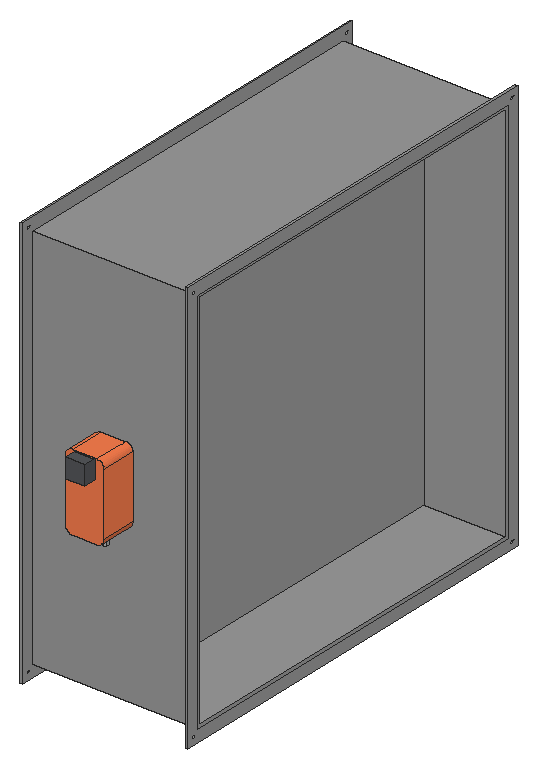
Revit family "КП-1", category Duct Accessories, Revit 2021
Family settings
  Round Connector Dimension = Use Diameter
  Part Type = Attaches To
  Work Plane-Based = No
  Always vertical = Yes
  Cut with Voids When Loaded = No
  Shared = No
Parameters (values of type "КП-1-800х800-2-ПВП230Т-СН")
  Ширина = B2  # 860 mm
  Частота = 50 Hz  # constant formula
  Установлена потужність = 11 VA
  Статичний тиск повітря [instance] = 0.0 Pa
  Размещение привода (снаружи) = yes
  Размещение привода (внутри) = no
  Повітряний потік [instance] = 0.0 L/s
  Default Elevation = 0 mm
  Напруга = 230 V
  Максимальний потік повітря [instance] = 0.0 L/s
  Класифікація навантаження = "HVAC"
  Manufacturer = "Вентс"  # constant formula
  Довжина = 350 mm  # constant formula
  Два фланца [instance] = yes
  Висота = A2  # 860 mm
  Вага = 30.10 kg
  URL = "https://vents.ua/ua/series/kp-1-pkp-kp-1-pvp-kp-1-psp#downloads"
  B = 800 mm
  An = A + 10 mm  # 810 mm
  A3 = A / 2  # 400 mm
  A2 = 860 mm
  A1 = 830 mm
  Bn = B + 10 mm  # 810 mm
  B3 = B1 / 2  # 415 mm
  B2 = 860 mm
  Матеріал зони обслуговуваня = none
  Матеріал корпусу = Сталь, гальванізована
  B1 = 830 mm
  A = 800 mm
  09_Назва системи [instance] = ""
  00_20_Тип = "КП-1-800х800-2-ПВП230Т-СН"
  00_20_Назва = "Клапан протипожежний вогнезатримувальний"
  00_20_Виробник = "Вентс"  # constant formula
Types (22, lengths in mm): name | Ширина | Установлена потужність | Висота | Вага | URL | B | An | A3 | A2 | A1 | Bn | B3 | B2 | B1 | A | 00_20_Тип
  (no name) | 860 | 11 VA | 860 | 30.10 kg | "https://vents.ua/ua/series/kp-1-pkp-kp-1-pvp-kp-1-psp#downloads" | 800 | 810 | 400 | 860 | 830 | 810 | 415 | 860 | 830 | 800 | "КП-1-800х800-2-ПВП230Т-СН"
  КП-1-200х200-2-ПВП230Т-СН | 240 | 6.5 VA | 240 | 6.20 kg | "https://vents.ua/ua/series/kp-1-pkp-kp-1-pvp-kp-1-psp#downloads" | 200 | 210 | 100 | 240 | 220 | 210 | 110 | 240 | 220 | 200 | "КП-1-200х200-2-ПВП230Т-СН"
  КП-1-1000х1000-2-ПВП230Т-СН | 1060 | 11 VA | 1060 | 41.70 kg | "https://vents.ua/ua/series/kp-1-pkp-kp-1-pvp-kp-1-psp" | 1000 | 1010 | 500 | 1060 | 1030 | 1010 | 515 | 1060 | 1030 | 1000 | "КП-1-1000х1000-2-ПВП230Т-СН"
  КП-1-250х200-2-ПВП230Т-СН | 240 | 10 VA | 290 | 6.80 kg | "https://vents.ua/ua/series/kp-1-pkp-kp-1-pvp-kp-1-psp#downloads" | 200 | 260 | 125 | 290 | 270 | 210 | 110 | 240 | 220 | 250 | "КП-1-250х200-2-ПВП230Т-СН"
  КП-1-250х250-2-ПВП230Т-СН | 290 | 10 VA | 290 | 7.30 kg | "https://vents.ua/ua/series/kp-1-pkp-kp-1-pvp-kp-1-psp#downloads" | 250 | 260 | 125 | 290 | 270 | 260 | 135 | 290 | 270 | 250 | "КП-1-250х250-2-ПВП230Т-СН"
  КП-1-300х200-2-ПВП230Т-СН | 240 | 10 VA | 340 | 7.30 kg | "https://vents.ua/ua/series/kp-1-pkp-kp-1-pvp-kp-1-psp#downloads" | 200 | 310 | 150 | 340 | 320 | 210 | 110 | 240 | 220 | 300 | "КП-1-300х200-2-ПВП230Т-СН"
  КП-1-300х250-2-ПВП230Т-СН | 290 | 10 VA | 340 | 7.90 kg | "https://vents.ua/ua/series/kp-1-pkp-kp-1-pvp-kp-1-psp#downloads" | 250 | 310 | 150 | 340 | 320 | 260 | 135 | 290 | 270 | 300 | "КП-1-300х250-2-ПВП230Т-СН"
  КП-1-300х300-2-ПВП230Т-СН | 340 | 10 VA | 340 | 8.50 kg | "https://vents.ua/ua/series/kp-1-pkp-kp-1-pvp-kp-1-psp#downloads" | 300 | 310 | 150 | 340 | 320 | 310 | 160 | 340 | 320 | 300 | "КП-1-300х300-2-ПВП230Т-СН"
  КП-1-400х250-2-ПВП230Т-СН | 290 | 10 VA | 440 | 9.10 kg | "https://vents.ua/ua/series/kp-1-pkp-kp-1-pvp-kp-1-psp#downloads" | 250 | 410 | 200 | 440 | 420 | 260 | 135 | 290 | 270 | 400 | "КП-1-400х250-2-ПВП230Т-СН"
  КП-1-400х300-2-ПВП230Т-СН | 340 | 10 VA | 440 | 9.80 kg | "https://vents.ua/ua/series/kp-1-pkp-kp-1-pvp-kp-1-psp#downloads" | 300 | 410 | 200 | 440 | 420 | 310 | 160 | 340 | 320 | 400 | "КП-1-400х300-2-ПВП230Т-СН"
  КП-1-400х400-2-ПВП230Т-СН | 440 | 10 VA | 440 | 11.30 kg | "https://vents.ua/ua/series/kp-1-pkp-kp-1-pvp-kp-1-psp#downloads" | 400 | 410 | 200 | 440 | 420 | 410 | 210 | 440 | 420 | 400 | "КП-1-400х400-2-ПВП230Т-СН"
  КП-1-500х300-2-ПВП230Т-СН | 340 | 10 VA | 540 | 10.70 kg | "https://vents.ua/ua/series/kp-1-pkp-kp-1-pvp-kp-1-psp#downloads" | 300 | 510 | 250 | 540 | 520 | 310 | 160 | 340 | 320 | 500 | "КП-1-500х300-2-ПВП230Т-СН"
  КП-1-500х400-2-ПВП230Т-СН | 440 | 10 VA | 540 | 12.90 kg | "https://vents.ua/ua/series/kp-1-pkp-kp-1-pvp-kp-1-psp#downloads" | 400 | 510 | 250 | 540 | 520 | 410 | 210 | 440 | 420 | 500 | "КП-1-500х400-2-ПВП230Т-СН"
  КП-1-500х500-2-ПВП230Т-СН | 560 | 10 VA | 560 | 16.60 kg | "https://vents.ua/ua/series/kp-1-pkp-kp-1-pvp-kp-1-psp#downloads" | 500 | 510 | 250 | 560 | 530 | 510 | 265 | 560 | 530 | 500 | "КП-1-500х500-2-ПВП230Т-СН"
  КП-1-600х400-2-ПВП230Т-СН | 440 | 10 VA | 640 | 14.50 kg | "https://vents.ua/ua/series/kp-1-pkp-kp-1-pvp-kp-1-psp#downloads" | 400 | 610 | 300 | 640 | 620 | 410 | 210 | 440 | 420 | 600 | "КП-1-600х400-2-ПВП230Т-СН"
  КП-1-600х500-2-ПВП230Т-СН | 560 | 11 VA | 660 | 18.40 kg | "https://vents.ua/ua/series/kp-1-pkp-kp-1-pvp-kp-1-psp" | 500 | 610 | 300 | 660 | 630 | 510 | 265 | 560 | 530 | 600 | "КП-1-600х500-2-ПВП230Т-СН"
  КП-1-600х600-2-ПВП230Т-СН | 660 | 11 VA | 660 | 20.60 kg | "https://vents.ua/ua/series/kp-1-pkp-kp-1-pvp-kp-1-psp#downloads" | 600 | 610 | 300 | 660 | 630 | 610 | 315 | 660 | 630 | 600 | "КП-1-600х600-2-ПВП230Т-СН"
  КП-1-800х500-2-ПВП230Т-СН | 560 | 11 VA | 860 | 22.30 kg | "https://vents.ua/ua/series/kp-1-pkp-kp-1-pvp-kp-1-psp#downloads" | 500 | 810 | 400 | 860 | 830 | 510 | 265 | 560 | 530 | 800 | "КП-1-800х500-2-ПВП230Т-СН"
  КП-1-800х600-2-ПВП230Т-СН | 660 | 11 VA | 860 | 24.80 kg | "https://vents.ua/ua/series/kp-1-pkp-kp-1-pvp-kp-1-psp#downloads" | 600 | 810 | 400 | 860 | 830 | 610 | 315 | 660 | 630 | 800 | "КП-1-800х600-2-ПВП230Т-СН"
  КП-1-800х800-2-ПВП230Т-СН | 860 | 11 VA | 860 | 30.10 kg | "https://vents.ua/ua/series/kp-1-pkp-kp-1-pvp-kp-1-psp#downloads" | 800 | 810 | 400 | 860 | 830 | 810 | 415 | 860 | 830 | 800 | "КП-1-800х800-2-ПВП230Т-СН"
  КП-1-1000х600-2-ПВП230Т-СН | 660 | 11 VA | 1060 | 29.00 kg | "https://vents.ua/ua/series/kp-1-pkp-kp-1-pvp-kp-1-psp" | 600 | 1010 | 500 | 1060 | 1030 | 610 | 315 | 660 | 630 | 1000 | "КП-1-1000х600-2-ПВП230Т-СН"
  КП-1-1000х800-2-ПВП230Т-СН | 860 | 11 VA | 1060 | 35.40 kg | "https://vents.ua/ua/series/kp-1-pkp-kp-1-pvp-kp-1-psp#downloads" | 800 | 1010 | 500 | 1060 | 1030 | 810 | 415 | 860 | 830 | 1000 | "КП-1-1000х800-2-ПВП230Т-СН"
Reference planes
  plane 1 "По центру (Вперед/Назад)": y = 0
  plane 2: z = 0
  plane 3 "По центру (Влево/Вправо)": x = 0
  plane 4: z = 415
  plane 5: z = -415
  plane 6: y = 415
  plane 7: y = -415
Forms (mm)
  Extrusion 1, solid, material "Сталь, гальванізована", visible <- "Два фланца"
    sketch origin (0, 0, 0) x (0, 1, 0) y (0, 0, 1)
      loop
        line (405, -405) -> (405, 405) -> (-405, 405) -> (-405, -405) -> (405, -405)
      loop
        line (430, -430) -> (430, 430) -> (-430, 430) -> (-430, -430) -> (430, -430)
      loop
        circle (415, 415) r 4.25
      loop
        circle (-415, 415) r 4.25
      loop
        circle (-415, -415) r 4.25
      loop
        circle (415, -415) r 4.25
    from 170 to 175
  Extrusion 2, solid, material "Сталь, гальванізована"
    sketch origin (0, 0, 0) x (0, 1, 0) y (0, 0, 1)
      loop
        line (400, -400) -> (400, 400) -> (-400, 400) -> (-400, -400) -> (400, -400)
      loop
        line (430, -430) -> (430, 430) -> (-430, 430) -> (-430, -430) -> (430, -430)
      loop
        circle (415, -415) r 4.25
      loop
        circle (-415, -415) r 4.25
      loop
        circle (-415, 415) r 4.25
      loop
        circle (415, 415) r 4.25
    from -170 to -175
  Extrusion 3, solid, material "Сталь, гальванізована"
    sketch origin (0, 0, 0) x (0, 1, 0) y (0, 0, 1)
      loop
        line (400, -400) -> (400, 400) -> (-400, 400) -> (-400, -400) -> (400, -400)
      loop
        line (405, -405) -> (405, 405) -> (-405, 405) -> (-405, -405) -> (405, -405)
    from -170 to 175
  Extrusion 4, solid, material "Сталь, гальванізована"
    sketch origin (0, 0, 0) x (0, 1, 0) y (0, 0, 1)
      loop
        line (400, -400) -> (400, 400) -> (-400, 400) -> (-400, -400) -> (400, -400)
    from 2.5 to -2.5
Dimensions and locks
  equal spacing: Extrusion 1 sketch curve, level, Extrusion 1 sketch curve  (x2)
  equal spacing: Extrusion 1 sketch curve, plane 1 "По центру (Вперед/Назад)", Extrusion 1 sketch curve  (x2)
  "An": Extrusion 1 sketch curve to Extrusion 1 sketch curve
  "Bn": Extrusion 1 sketch curve to Extrusion 1 sketch curve
  "A2": Extrusion 1 sketch curve to Extrusion 1 sketch curve
  "B2": Extrusion 1 sketch curve to Extrusion 1 sketch curve
  equal spacing: plane 4, level, plane 5
  "B1": plane 4 to plane 5
  equal spacing: plane 6, plane 1 "По центру (Вперед/Назад)", plane 7
  "A1": plane 6 to plane 7
  equal spacing: Extrusion 2 sketch curve, plane 1 "По центру (Вперед/Назад)", Extrusion 2 sketch curve  (x2)
  "A": Extrusion 2 sketch curve to Extrusion 2 sketch curve
  "A2": Extrusion 2 sketch curve to Extrusion 2 sketch curve
  equal spacing: Extrusion 2 sketch curve, level, Extrusion 2 sketch curve  (x2)
  "B": Extrusion 2 sketch curve to Extrusion 2 sketch curve
  "B2": Extrusion 2 sketch curve to Extrusion 2 sketch curve
  equal spacing: Extrusion 3 sketch curve, plane 1 "По центру (Вперед/Назад)", Extrusion 3 sketch curve  (x2)
  "A": Extrusion 3 sketch curve to Extrusion 3 sketch curve
  equal spacing: Extrusion 3 sketch curve, level, Extrusion 3 sketch curve  (x2)
  "B": Extrusion 3 sketch curve to Extrusion 3 sketch curve
  "Bn": Extrusion 3 sketch curve to Extrusion 3 sketch curve
  "An": Extrusion 3 sketch curve to Extrusion 3 sketch curve
  equal spacing: Extrusion 4 sketch curve, plane 1 "По центру (Вперед/Назад)", Extrusion 4 sketch curve
  "A": Extrusion 4 sketch curve to Extrusion 4 sketch curve
  equal spacing: Extrusion 4 sketch curve, level, Extrusion 4 sketch curve
  "B": Extrusion 4 sketch curve to Extrusion 4 sketch curve
  "B3": nested 1 to plane 5
  "B3": plane 4 to nested 2
  "A3": nested 2 to plane 1 "По центру (Вперед/Назад)"
  aligned and locked: level to plane 2
  aligned and locked: Extrusion 3 to Extrusion 2
Automatic sketch dimensions
  Extrusion 1 sketch curve to plane 4 = 0 mm
  Extrusion 1 sketch curve to plane 7 = 0 mm  (x2)
  Extrusion 1 sketch curve to plane 5 = 0 mm
  plane 5 to Extrusion 1 sketch curve = 0 mm
  Extrusion 1 sketch curve to plane 6 = 0 mm  (x2)
  plane 4 to Extrusion 1 sketch curve = 0 mm
  Extrusion 2 sketch curve to plane 5 = 0 mm
  Extrusion 2 sketch curve to plane 7 = 0 mm  (x2)
  Extrusion 2 sketch curve to plane 4 = 0 mm
  plane 4 to Extrusion 2 sketch curve = 0 mm
  Extrusion 2 sketch curve to plane 6 = 0 mm  (x2)
  plane 5 to Extrusion 2 sketch curve = 0 mm
  radius of Extrusion 1 sketch curve = 4.25 mm  (x4)
  radius of Extrusion 2 sketch curve = 4.25 mm  (x4)
Nested families
  nested 1: "ADSK_Электропривод" at (0, -405, 0) x (1, 0, 0) z (0, -1, 0), visible <- "Размещение привода (снаружи)", type "BLF"
  nested 2: "ADSK_Электропривод" at (42.5, -300, 0) x (1, 0, 0) z (0, -1, 0), visible <- "Размещение привода (внутри)", type "BLF"
Connectors
  hvac at (175, 0, 0), driven by "B", driven by "A"
    settings: on Extrusion 3, index 1, duct flow 0.0 L/s, flow factor 0, pres drop 0.0 Pa, loss coef 0, conn angle 0.00°, conn width 800 mm, conn height 800 mm, conn diameter 609.6 mm, duct sys type 3, conn prof type 1, flow config 0, flow direction 2, loss method 0, conn ref index -1, conn util no, is conn primary yes, conn desc ""
  hvac at (-175, 0, 0), driven by "B", driven by "A"
    settings: on Extrusion 2, index 2, duct flow 0.0 L/s, flow factor 0, pres drop 0.0 Pa, loss coef 0, conn angle 0.00°, conn width 800 mm, conn height 800 mm, conn diameter 609.6 mm, duct sys type 3, conn prof type 1, flow config 0, flow direction 1, loss method 0, conn ref index -1, conn util no, is conn primary no, conn desc ""
Definition of nested family "ADSK_Электропривод"
  Parameters (values of type "BLF")
    Default Elevation = 1219.2 mm
    Материал корпуса = none
    Материал коробки = none
  Reference planes
    plane 1 "По центру (Вперед/Назад)": y = 0
    plane 2: z = 0
    plane 3 "По центру (Влево/Вправо)": x = 0
  Forms (mm)
    Extrusion 1, solid, material <- "Материал корпуса"
      sketch origin (0, -1.292, 0) x (1, 0, 0) y (0, 1, 0)
        loop
          arc (-25, 81.292) -> (-35.607, 76.899) -> (-40, 66.292) r 15
          line (-40, 66.292) -> (-40, -63.708)
          arc (-40, -63.708) -> (-35.607, -74.314) -> (-25, -78.708) r 15
          line (-25, -78.708) -> (25, -78.708)
          arc (25, -78.708) -> (35.607, -74.314) -> (40, -63.708) r 15
          line (40, -63.708) -> (40, 66.292)
          arc (40, 66.292) -> (35.607, 76.899) -> (25, 81.292) r 15
          line (25, 81.292) -> (-25, 81.292)
      from 0 to 75
    Extrusion 2, solid, material <- "Материал коробки"
      sketch origin (0, -1.292, 90) x (1, 0, 0) y (0, 1, 0)
        loop
          line (-20, 79.66) -> (-20, 39.66) -> (20, 39.66) -> (20, 79.66) -> (-20, 79.66)
      from -15 to 10
    Extrusion 3, solid
      sketch origin (-5, -80, -46.965) x (1, 0, 0) y (0, 0, -1)
        loop
          line (-10, -80) -> (-14.33, -82.5) -> (-14.33, -87.5) -> (-10, -90) -> (-5.67, -87.5) -> (-5.67, -82.5) -> (-10, -80)
      from 0 to -20
    Extrusion 4, solid
      sketch origin (5, -80, -46.965) x (-1, 0, 0) y (0, 0, 1)
        loop
          line (-10, 80) -> (-5.67, 82.5) -> (-5.67, 87.5) -> (-10, 90) -> (-14.33, 87.5) -> (-14.33, 82.5) -> (-10, 80)
      from 0 to -20
    Extrusion 5, solid
      sketch origin (0, 0, 0) x (1, 0, 0) y (0, 1, 0)
        loop
          circle (0, 58.367) r 6
      from 0 to -100
  Dimensions and locks
    equal spacing: Extrusion 1, plane 1 "По центру (Вперед/Назад)", Extrusion 1
    Extrusion 1 to Extrusion 1 = 160 mm
    level to Extrusion 2 = 100 mm
    aligned and locked: level to plane 2
    aligned and locked: Extrusion 2 to Extrusion 1
  Automatic sketch dimensions
    Extrusion 1 sketch curve to plane 3 "По центру (Влево/Вправо)" = 40 mm
    Extrusion 1 sketch curve to Extrusion 1 sketch curve = 15 mm  (x3)
    plane 3 "По центру (Влево/Вправо)" to Extrusion 1 sketch curve = 25 mm  (x2)
    plane 1 "По центру (Вперед/Назад)" to Extrusion 1 sketch curve = 80 mm
    Extrusion 1 sketch curve to plane 1 "По центру (Вперед/Назад)" = 65 mm
    Extrusion 2 sketch curve to plane 3 "По центру (Влево/Вправо)" = 20 mm
    plane 3 "По центру (Влево/Вправо)" to Extrusion 2 sketch curve = 20 mm
    Extrusion 2 sketch curve to plane 1 "По центру (Вперед/Назад)" = 38.367 mm
    Extrusion 2 sketch curve to Extrusion 2 sketch curve = 40 mm
    Extrusion 3 sketch curve to plane 3 "По центру (Влево/Вправо)" = 19.33 mm
    Extrusion 3 sketch curve to Extrusion 3 sketch curve = 4.33 mm  (x3)
    level to Extrusion 3 sketch curve = 43.035 mm
    Extrusion 3 sketch curve to Extrusion 3 sketch curve = 2.5 mm  (x3)
    Extrusion 3 sketch curve to Extrusion 3 sketch curve = 5 mm  (x2)
    plane 3 "По центру (Влево/Вправо)" to Extrusion 4 sketch curve = 19.33 mm
    Extrusion 4 sketch curve to Extrusion 4 sketch curve = 4.33 mm  (x3)
    level to Extrusion 4 sketch curve = 33.035 mm
    Extrusion 4 sketch curve to Extrusion 4 sketch curve = 2.5 mm  (x3)
    Extrusion 4 sketch curve to Extrusion 4 sketch curve = 5 mm  (x2)
    Extrusion 5 sketch curve to plane 3 "По центру (Влево/Вправо)" = 0 mm
    Extrusion 5 sketch curve to plane 1 "По центру (Вперед/Назад)" = 58.367 mm
    radius of Extrusion 5 sketch curve = 6 mm
